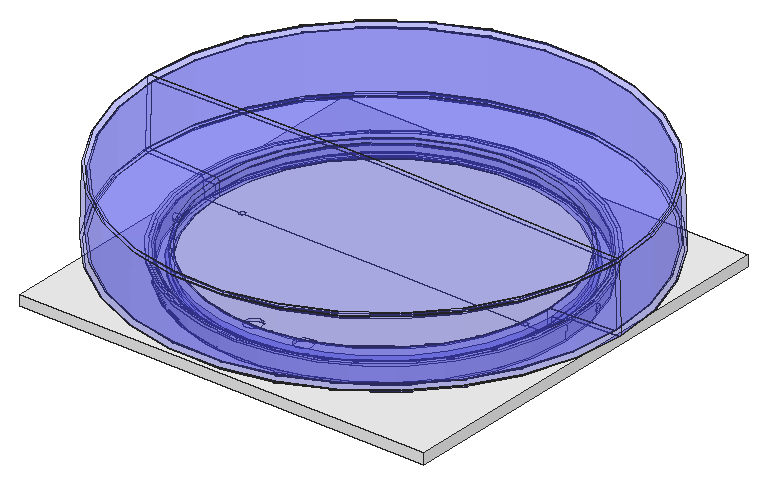
Revit family "BE_23297P_de_DE", category Leuchten, Revit 2015
Parameters (values of type "BEGA_23297P_K4")
  built-in parameter 1150104 = 12.105 (stored number, unit not read)
  Wattage = 37.8 W
  Default Elevation = 0 mm
  built-in parameter 1150113 = 1 (stored number, unit not read)
  built-in parameter 1114218 = 1 (stored number, unit not read)
  Umgebungstemperatur = ""
  URL = "http://www.bega.de/produkt/23297P"
  Typenkommentare = "© 2017 BEGA. Wir behalten uns das Recht vor, technische Änderungen ohne vorherige Ankündigung vorzunehmen."  # constant formula
  built-in parameter 1150134 = 12
  built-in parameter 1150109 = 1 (stored number, unit not read)
  Strom = ""
  built-in parameter 1150110 = 1 (stored number, unit not read)
  Spannung = 239.996 V
  Sonderanfertigung = no
  Seriennummer [instance] = "Hier können Sie die eindeutige Seriennummer für das Facility Management eintragen."
  Schutzklasse = "I"
  Schutzart = "IP 44"
  Scheinlast = 0 VA
  Produktdatenblatt = "http://www.bega.de/download/Xrfa/db/23297P.db.de.pdf"
  Oberflächentemperatur = ""
  Neigungswinkel = 0.00°
  Modell = "23297PK4"
  Material_17 = BEGA_Reflektor
  Material_15 = BEGA_Leuchtmedium_matt
  Material_14 = BEGA_Kunststoff_opal
  Material_11 = BEGA_Glas_opal
  Material_09 = BEGA_Glas_klar
  Material_06 = BEGA_Oberfläche_Edelstahl_gebürstet
  Material_05 = BEGA_Oberfläche_Aluminium Guss
  Material_03 = BEGA_Oberfläche_Weiss_matt
  Material_02 = BEGA_Oberfläche_Silber_matt
  Material_01 [instance] = BEGA_Oberfläche_Grafit_matt
  M_W = no
  M_G = no
  M_A = no
  Logo = 0
  built-in parameter 1114217 = 1 (stored number, unit not read)
  built-in parameter 1150139 = (empty or 0)
  built-in parameter 1150105 = 1277 (stored number, unit not read)
  built-in parameter 1150114 = 1 (stored number, unit not read)
  Lumens = 4925.34 lm
  built-in parameter 1150115 = 1 (stored number, unit not read)
  Leuchtenlichtstrom = "4365 lm"
  Leuchtenanzahl = ""
  Lebensdauerkriterien = "L70B50 @ 25 °C =  h"
  Lastklassifizierung = Beleuchtung
  built-in parameter 1150112 = 1 (stored number, unit not read)
  Lampenlichtstrom = "4925 lm"
  Lampe = "LED 37.8 W"
  LED_Modulbezeichnung = "LED-0531/940 "
  Hersteller = "BEGA"  # constant formula
  Halbstreuwinkel = ""
  Gewicht = "5.2 kg"
  Gebrauchslageneinschränkung [instance] = ""
  Frequenz = "0/50-60 Hz"
  Farbwiedergabeindex = "Ra > 90"
  Farbtemperaturverschiebung bei Dämpfen der Lampe = <Keine Auswahl>
  Farbtemperatur = "4000 K"
  Color Filter = 16777215
  built-in parameter 1150133 = 10 (stored number, unit not read)
  Energieeffizienzklasse = "LED A++ - A"
  built-in parameter 1150137 = (empty or 0)
  built-in parameter 1150132 = (empty or 0)
  ENEC = ""
  Dimmbar [instance] = "DALI"
  Datei für fotometrisches Netz = "BE_23297PK4.IES"
  CE_Konformität = "ja"
  Bestellnummer = "23297PK4"
  Beschreibung_Sonderanfertigung = "Hier können Sie Informationen zur Sonderanfertigung eintragen."
  Beschreibung = "Decken- und Wandleuchte"
  built-in parameter 1150106 = 12.77 (stored number, unit not read)
  Befestigungsbohrung = "Ø 5,5 mm"
  Befestigungsabstand = "280 mm"
  Ballwurfsicher = ""
  BEGA_Intern_aus = yes
  BEGA_Intern_an = yes
  BEGA_Intern_Konstruktion = yes
  BEGA_Intern = yes
  BEGA_IES = yes
  BEGA_Dummy = no
  Anschlussleitung = ""
  Anschlussleistung [instance] = "43.5 W"
  Anschlusskasten = ""
  built-in parameter 1150107 = 4000 (stored number, unit not read)
  built-in parameter 1150102 = (empty or 0)
  built-in parameter 1150138 = (empty or 0)
  Aktualisierung = "2017-08-30T04:09:44"
  Abstand_zur_angestrahlten_Fläche [instance] = ""
  AC/DC = "AC/DC"
Types (2, lengths in mm): name | built-in parameter 1150104 | built-in parameter 1150134 | Modell | built-in parameter 1150105 | Lumens | Leuchtenlichtstrom | Lampenlichtstrom | LED_Modulbezeichnung | Farbtemperatur | Datei für fotometrisches Netz | Bestellnummer | built-in parameter 1150106 | built-in parameter 1150107
  BEGA_23297P_K3 | 11.678 (stored number, unit not read) | (empty or 0) | "23297P" | 1231.9 (stored number, unit not read) | 4751.46 lm | "4210 lm" | "4750 lm" | "LED-0531/930 " | "3000 K" | "BE_23297P.IES" | "23297P" | 12.319 (stored number, unit not read) | 3000 (stored number, unit not read)
  BEGA_23297P_K4 | 12.105 (stored number, unit not read) | 12 | "23297PK4" | 1277 (stored number, unit not read) | 4925.34 lm | "4365 lm" | "4925 lm" | "LED-0531/940 " | "4000 K" | "BE_23297PK4.IES" | "23297PK4" | 12.77 (stored number, unit not read) | 4000 (stored number, unit not read)
Reference planes
  plane 1 "Mitte (Vorne/Hinten)": y = 0
  plane 2: z = 0
  plane 3 "Mitte (Links/Rechts)": x = 0
  plane 4 "Links": x = -234.948
  plane 5 "Rechts": x = 234.948
  plane 6 "Unten": y = -234.9
  plane 7 "Oben": y = 234.9
  plane 8 "Vorne": z = 99.7
  plane 9 "Hinten": z = 0
Forms (mm)
  Extrusion 1, solid, material "BEGA_Platte_Weiss"
    sketch origin (0, -1119.2, 0) x (1, 0, 0) y (0, 1, 0)
      loop
        line (-200, 1319.2) -> (-200, 919.2) -> (200, 919.2) -> (200, 1319.2) -> (-200, 1319.2)
    from 0 to -10
  Extrusion 2, solid, material "BEGA_Dummy_matt", visible <- "BEGA_Dummy"
    sketch origin (77.149, -76.023, 0) x (1, 0, 0) y (0, 1, 0)
      loop
        circle (-77.149, 76.023) r 235
    from 0 to 99.7
Dimensions and locks
  plane 1 "Mitte (Vorne/Hinten)" to Extrusion 1 = 200 mm
  aligned and locked: plane 2 to Extrusion 1
  aligned and locked: level to Extrusion 1
Nested families
  nested 1: "BE_23297P" at (0, 0, 0), type "BE_23297P"
Connectors
  electrical at (0, 0, 0), driven by "Lastklassifizierung", driven by "Spannung", driven by "Scheinlast"
    settings: index 1, voltage 239.996 V, apparent load 0 VA, apparent load phase1 0 VA, apparent load phase2 0 VA, apparent load phase3 0 VA, power factor 1, load classification "Beleuchtung", number of poles 1, system type 31, power factor state 1, is connector primary yes, connector utility no, sub classification motor no, connector description ""
Definition of nested family "BE_23297P"
  Parameters (values of type "BE_23297P")
    Default Elevation = 1 mm
    URL = "http://www.bega.de/de/produkt"
    Type Comments = "© 2015 BEGA. Wir behalten uns das Recht vor, technische Änderungen ohne vorherige Ankündigung vorzunehmen. "  # constant formula
    Type Image = (empty or 0)
    Neigungswinkel_um_Z2 = 0.00°
    Neigungswinkel_um_Z1 = 0.00°
    Neigungswinkel_um_Y2 = 0.00°
    Neigungswinkel_um_Y1 = 0.00°
    Neigungswinkel_um_X2 = 0.00°
    Neigungswinkel_um_X1 = 0.00°
    Material_17 = none
    Material_15 = none
    Material_14 = none
    Material_11 = none
    Material_09 = none
    Material_06 = none
    Material_05 = none
    Material_03 = none
    Material_02 = none
    Material_01 = none
    M_W = yes
    M_G = yes
    M_A = yes
    Länge_Platte = 600 mm  # constant formula
    Höhe_Platte = -10 mm  # constant formula
    Manufacturer = "BEGA"  # constant formula
    Drehwinkel_um_Z2 = 0.00°
    Drehwinkel_um_Z1 = 0.00°
    Breite_Platte = 600 mm  # constant formula
  Reference planes
    plane 1 "Mitte (Oben/Unten)": y = 0
    plane 2: z = 0
    plane 3 "Mitte (Links/Rechts)": x = 0
    plane 4: x = -234.948
    plane 5: z = 99.7
    plane 6: x = 234.948
    plane 7: y = -234.9
    plane 8: y = 234.9
  Forms (mm)
    Extrusion 1, solid, detail levels medium
      sketch origin (0, 0, 0) x (1, 0, 0) y (0, 1, 0)
        loop
          line (-300, 300) -> (-300, -300) -> (300, -300) -> (300, 300) -> (-300, 300)
      from 0 to -10 <- "Höhe_Platte"
    Revolve 2, solid, material <- "Material_03", detail levels medium+fine
      sketch origin (0, 0, 0) x (1, 0, 0) y (0, 0, 1)
        loop
          line (-185, 23.01) -> (-182.531, 23)
          arc (-182.531, 23) -> (-181.129, 22.426) -> (-180.531, 21.035) r 2
          line (-180.531, 21.035) -> (-180.268, 5.954)
          arc (-180.268, 5.954) -> (-179.372, 3.864) -> (-177.268, 3) r 3
          line (-177.268, 3) -> (0, 3) -> (0, 5.01) -> (-177.268, 5.01)
          arc (-177.268, 5.01) -> (-177.969, 5.297) -> (-178.268, 5.993) r 1
          line (-178.268, 5.993) -> (-178.531, 21.065)
          arc (-178.531, 21.065) -> (-179.726, 23.851) -> (-182.531, 25.01) r 4
          line (-182.531, 25.01) -> (-185, 25.01) -> (-185, 23.01)
        axis (0, 3) -> (0, 25.01)
      angle from 0 to 360
    Revolve 3, solid, material <- "Material_14", detail levels medium+fine
      sketch origin (0, 0, 0) x (1, 0, 0) y (0, 0, 1)
        loop
          line (0, 99.7) -> (-231.281, 95.733)
          arc (-231.281, 95.733) -> (-232.657, 95.151) -> (-233.246, 93.778) r 2
          line (-233.246, 93.778) -> (-234.948, 28.777)
          arc (-234.948, 28.777) -> (-234.406, 27.354) -> (-233.019, 26.726) r 2
          line (-233.019, 26.726) -> (-179.745, 24.866)
          arc (-179.745, 24.866) -> (-178.929, 22.638) -> (-176.75, 21.7) r 3
          line (-176.75, 21.7) -> (-166.5, 21.7) -> (-166.5, 15.467) -> (-169, 13.263) -> (-169, 9.7) -> (-165, 9.7) -> (-162.5, 11.7) -> (-162.5, 25.461)
          arc (-162.5, 25.461) -> (-163.315, 27.479) -> (-165.303, 28.364) r 2.905
          line (-165.303, 28.364) -> (-228.913, 30.585)
          arc (-228.913, 30.585) -> (-230.305, 31.216) -> (-230.845, 32.646) r 2
          line (-230.845, 32.646) -> (-229.347, 89.852)
          arc (-229.347, 89.852) -> (-228.757, 91.219) -> (-227.386, 91.799) r 2
          line (-227.386, 91.799) -> (0, 95.699) -> (0, 99.7)
        axis (0, 99.7) -> (0, 9.7)
      angle from 0 to 360
    Extrusion 4, void
      sketch origin (0, 0, 0) x (1, 0, 0) y (0, 1, 0)
        loop
          circle (-25, -130) r 8.5
        loop
          circle (-140, 0) r 2.75
        loop
          circle (25, -130) r 8.5
        loop
          circle (140, 0) r 2.75
      from 0 to 6
    Revolve 5, solid, material <- "Material_03", detail levels medium+fine
      sketch origin (20.712, -116.673, 0) x (1, 0, 0) y (0, 0, 1)
        loop
          line (-137.385, 3.824) -> (-146.241, 3.824)
          arc (-146.241, 3.824) -> (-142.208, 0.997) -> (-137.385, 0) r 12.167
          line (-137.385, 0) -> (-137.385, 3.824)
        axis (-137.385, 0) -> (-137.385, 3.824)
      angle from 0 to 360
    Revolve 6, solid, material <- "Material_06", detail levels fine
      sketch origin (0, 0, 11.5) x (0.087156, -0.996195, 0) y (0.996195, 0.087156, 0)
        loop
          line (28.144, -178.328) -> (31.345, -177.763) -> (29.972, -169.982) -> (26.772, -170.546) -> (28.144, -178.328)
        axis (29.972, -169.982) -> (31.345, -177.763)
      angle from 0 to 360
    Revolve 7, solid, material <- "Material_03", detail levels medium+fine
      sketch origin (-116.673, -20.712, 0) x (0, -1, 0) y (0, 0, 1)
        loop
          line (-137.385, 3.824) -> (-146.241, 3.824)
          arc (-146.241, 3.824) -> (-142.208, 0.997) -> (-137.385, 0) r 12.167
          line (-137.385, 0) -> (-137.385, 3.824)
        axis (-137.385, 0) -> (-137.385, 3.824)
      angle from 0 to 360
    Revolve 8, solid, material <- "Material_03", detail levels medium+fine
      sketch origin (116.673, 20.712, 0) x (0, 1, 0) y (0, 0, 1)
        loop
          line (-137.385, 3.824) -> (-146.241, 3.824)
          arc (-146.241, 3.824) -> (-142.208, 0.997) -> (-137.385, 0) r 12.167
          line (-137.385, 0) -> (-137.385, 3.824)
        axis (-137.385, 0) -> (-137.385, 3.824)
      angle from 0 to 360
    Revolve 9, solid, material <- "Material_03", detail levels medium+fine
      sketch origin (-20.712, 116.673, 0) x (-1, 0, 0) y (0, 0, 1)
        loop
          line (-137.385, 3.824) -> (-146.241, 3.824)
          arc (-146.241, 3.824) -> (-142.208, 0.997) -> (-137.385, 0) r 12.167
          line (-137.385, 0) -> (-137.385, 3.824)
        axis (-137.385, 0) -> (-137.385, 3.824)
      angle from 0 to 360
    Revolve 10, solid, material <- "Material_06", detail levels fine
      sketch origin (0, 0, 11.5) x (0.422618, -0.906308, 0) y (0.906308, 0.422618, 0)
        loop
          line (28.144, 178.328) -> (26.772, 170.546) -> (29.972, 169.982) -> (31.345, 177.763) -> (28.144, 178.328)
        axis (29.972, 169.982) -> (31.345, 177.763)
      angle from 0 to 360
  Cuts and joins
    Extrusion 4 cuts Revolve 2
    joined: Revolve 2, Revolve 5, Revolve 7, Revolve 8, Revolve 9
  Dimensions and locks
    equal spacing: Extrusion 1 sketch curve, plane 3 "Mitte (Links/Rechts)", Extrusion 1 sketch curve
    equal spacing: Extrusion 1 sketch curve, plane 1 "Mitte (Oben/Unten)", Extrusion 1 sketch curve
    "Länge_Platte": Extrusion 1 sketch curve to Extrusion 1 sketch curve
    "Breite_Platte": Extrusion 1 sketch curve to Extrusion 1 sketch curve
    aligned and locked: Extrusion 1 to plane 2
    aligned and locked: level to Extrusion 1
  Automatic sketch dimensions
    Revolve 2 sketch curve to Revolve 2 sketch curve = 0 mm  (x7)
    Revolve 2 sketch curve to plane 3 "Mitte (Links/Rechts)" = 0 mm  (x2)
    level to Revolve 2 sketch curve = 6.003 mm
    Revolve 2 sketch curve to plane 4 = 57.68 mm
    level to Revolve 2 sketch curve = 5.993 mm
    Revolve 2 sketch curve to Revolve 2 sketch curve = 1 mm
    level to Revolve 2 sketch curve = 21.065 mm
    Revolve 2 sketch curve to Revolve 2 sketch curve = 0.263 mm
    level to Revolve 2 sketch curve = 5.954 mm
    Revolve 2 sketch curve to Revolve 2 sketch curve = 2 mm  (x4)
    level to Revolve 2 sketch curve = 21.035 mm
    Revolve 2 sketch curve to Revolve 2 sketch curve = 2.469 mm
    level to Revolve 2 sketch curve = 3 mm
    Revolve 2 sketch curve to Revolve 2 sketch curve = 2.01 mm
    Revolve 2 sketch curve to Revolve 2 sketch curve = 0.035 mm
    Revolve 2 sketch curve to Revolve 2 sketch curve = 0.01 mm
    Revolve 2 sketch curve to Revolve 2 sketch curve = 0.569 mm
    plane 4 to Revolve 3 sketch curve = 0 mm  (x2)
    Revolve 3 sketch curve to plane 3 "Mitte (Links/Rechts)" = 0 mm  (x2)
    Revolve 3 sketch curve to plane 5 = 0 mm
    Revolve 3 sketch curve to plane 4 = 1.702 mm
    Revolve 3 sketch curve to plane 4 = 1.999 mm
    Revolve 3 sketch curve to Revolve 3 sketch curve = 2 mm  (x3)
    Revolve 3 sketch curve to plane 4 = 4.103 mm
    Revolve 3 sketch curve to Revolve 3 sketch curve = 1.933 mm
    Revolve 3 sketch curve to Revolve 3 sketch curve = 1.999 mm  (x4)
    Revolve 3 sketch curve to Revolve 3 sketch curve = 3.861 mm
    Revolve 3 sketch curve to Revolve 3 sketch curve = 0.038 mm
    level to Revolve 3 sketch curve = 24.866 mm
    Revolve 3 sketch curve to Revolve 3 sketch curve = 49.167 mm
    Revolve 3 sketch curve to Revolve 3 sketch curve = 2.995 mm
    level to Revolve 3 sketch curve = 13.263 mm
    Revolve 3 sketch curve to Revolve 3 sketch curve = 7.75 mm
    Revolve 3 sketch curve to Revolve 3 sketch curve = 2.5 mm
    Revolve 3 sketch curve to Revolve 3 sketch curve = 1.095 mm
    level to Revolve 3 sketch curve = 28.364 mm
    Revolve 3 sketch curve to Revolve 3 sketch curve = 0.101 mm
    level to Revolve 3 sketch curve = 9.7 mm
    Revolve 3 sketch curve to Revolve 3 sketch curve = 4 mm
    Revolve 3 sketch curve to Revolve 3 sketch curve = 2.905 mm
    Revolve 3 sketch curve to Revolve 3 sketch curve = 2.204 mm
    Revolve 3 sketch curve to Revolve 3 sketch curve = 3.761 mm
    Revolve 3 sketch curve to Revolve 3 sketch curve = 0.166 mm
    level to Revolve 3 sketch curve = 28.725 mm
    Revolve 3 sketch curve to Revolve 3 sketch curve = 1.86 mm
    plane 5 to Revolve 3 sketch curve = 9.901 mm
    Revolve 3 sketch curve to Revolve 3 sketch curve = 1.934 mm
    Revolve 3 sketch curve to Revolve 3 sketch curve = 0.044 mm
    Revolve 3 sketch curve to Revolve 3 sketch curve = 4.001 mm
    Revolve 3 sketch curve to plane 4 = 1.93 mm
    Revolve 3 sketch curve to Revolve 3 sketch curve = 0 mm  (x9)
    Revolve 3 sketch curve to Revolve 3 sketch curve = 0.034 mm
    Revolve 3 sketch curve to Revolve 3 sketch curve = 30.444 mm
    Revolve 3 sketch curve to Revolve 3 sketch curve = 13.579 mm
    plane 1 "Mitte (Oben/Unten)" to Extrusion 4 sketch curve = 0 mm  (x2)
    Extrusion 4 sketch curve to plane 4 = 94.948 mm
    Extrusion 4 sketch curve to plane 3 "Mitte (Links/Rechts)" = 25 mm
    plane 3 "Mitte (Links/Rechts)" to Extrusion 4 sketch curve = 25 mm
    Extrusion 4 sketch curve to plane 6 = 94.948 mm
    plane 7 to Extrusion 4 sketch curve = 104.9 mm
    Extrusion 4 sketch curve to Extrusion 4 sketch curve = 0 mm
    Revolve 5 sketch curve to level = 0 mm  (x2)
    level to Revolve 5 sketch curve = 3.824 mm
    Revolve 5 sketch curve to plane 4 = 109.42 mm
    level to Revolve 5 sketch curve = 12.167 mm
    Revolve 5 sketch curve to Revolve 5 sketch curve = 8.856 mm
    Revolve 5 sketch curve to Revolve 5 sketch curve = 0 mm
    Revolve 5 sketch curve to Revolve 5 sketch curve = 0.51 mm
    plane 1 "Mitte (Oben/Unten)" to Revolve 6 sketch curve = 41.534 mm
    Revolve 6 sketch curve to plane 4 = 67.384 mm
    Revolve 6 sketch curve to Revolve 6 sketch curve = 1.372 mm
    Revolve 6 sketch curve to Revolve 6 sketch curve = 3.201 mm  (x2)
    Revolve 6 sketch curve to Revolve 6 sketch curve = 7.217 mm
    Revolve 6 sketch curve to Revolve 6 sketch curve = 0.564 mm  (x2)
    Revolve 6 sketch curve to Revolve 6 sketch curve = 3.726 mm
    Revolve 6 sketch curve to Revolve 6 sketch curve = 1.44 mm
    Revolve 6 sketch curve to Revolve 6 sketch curve = 21.133 mm
    Revolve 6 sketch curve to Revolve 6 sketch curve = 8.164 mm
    Revolve 7 sketch curve to level = 0 mm  (x2)
    level to Revolve 7 sketch curve = 3.824 mm
    plane 8 to Revolve 7 sketch curve = 109.371 mm
    level to Revolve 7 sketch curve = 12.167 mm
    Revolve 7 sketch curve to Revolve 7 sketch curve = 8.856 mm
    Revolve 7 sketch curve to Revolve 7 sketch curve = 0 mm
    Revolve 7 sketch curve to Revolve 7 sketch curve = 0.51 mm
    Revolve 8 sketch curve to level = 0 mm  (x2)
    level to Revolve 8 sketch curve = 3.824 mm
    plane 7 to Revolve 8 sketch curve = 109.371 mm
    level to Revolve 8 sketch curve = 12.167 mm
    Revolve 8 sketch curve to Revolve 8 sketch curve = 8.856 mm
    Revolve 8 sketch curve to Revolve 8 sketch curve = 0 mm
    Revolve 8 sketch curve to Revolve 8 sketch curve = 0.51 mm
    Revolve 9 sketch curve to level = 0 mm  (x2)
    level to Revolve 9 sketch curve = 3.824 mm
    Revolve 9 sketch curve to plane 6 = 109.42 mm
    level to Revolve 9 sketch curve = 12.167 mm
    Revolve 9 sketch curve to Revolve 9 sketch curve = 8.856 mm
    Revolve 9 sketch curve to Revolve 9 sketch curve = 0 mm
    Revolve 9 sketch curve to Revolve 9 sketch curve = 0.51 mm
    Revolve 10 sketch curve to plane 1 "Mitte (Oben/Unten)" = 47.813 mm
    Revolve 10 sketch curve to plane 6 = 69.066 mm
    Revolve 10 sketch curve to Revolve 10 sketch curve = 1.372 mm
    Revolve 10 sketch curve to Revolve 10 sketch curve = 3.201 mm  (x2)
    Revolve 10 sketch curve to Revolve 10 sketch curve = 0.564 mm  (x2)
    Revolve 10 sketch curve to Revolve 10 sketch curve = 7.781 mm
    Revolve 10 sketch curve to Revolve 10 sketch curve = 3.726 mm
    Revolve 10 sketch curve to Revolve 10 sketch curve = 1.44 mm
    Revolve 10 sketch curve to Revolve 10 sketch curve = 21.133 mm
    Revolve 10 sketch curve to Revolve 10 sketch curve = 8.164 mm
    radius of Extrusion 4 sketch curve = 8.5 mm  (x2)
    radius of Extrusion 4 sketch curve = 2.75 mm  (x2)
